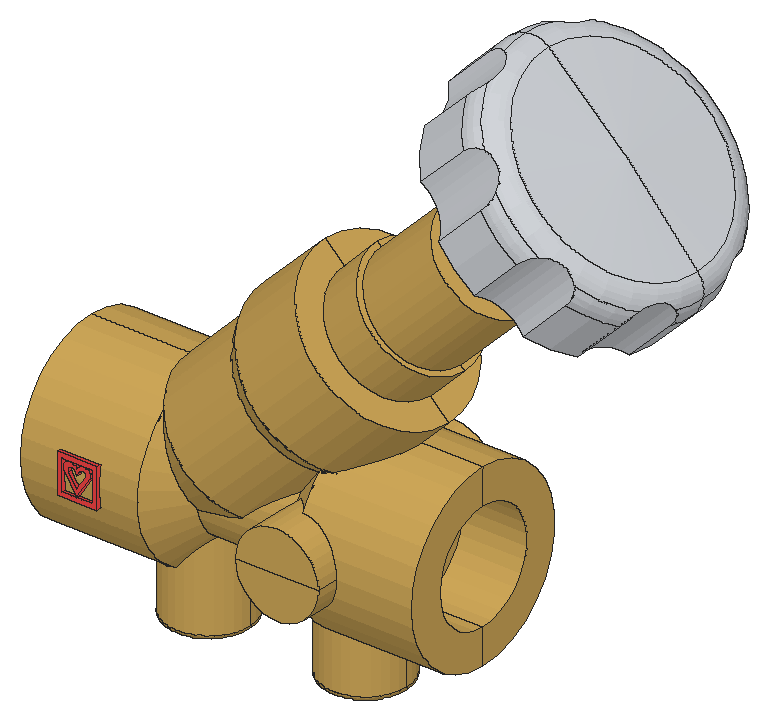
Revit family "HERZ Shut-off valve 4125 AD", category Rohrzubehör, Revit 2018
Family settings
  Bemaßung runder Anschluss = Durchmesser verwenden
  Teiletyp = Unterbricht
  OmniClass-Nummer = 23.65.55.14
  OmniClass-Titel = Valves for Liquid Services
  Arbeitsebenenbasiert = Nein
  Immer vertikal = Ja
  Beim Laden mit Abzugskörper schneiden = Nein
  Gemeinsam genutzt = Nein
Parameters
  W01 = 45.00°  # constant formula
  URL = "www.herzvalves.com"
  Spindle = "brass CW617N\r"  # constant formula
  SW01 = 60.00°  # constant formula
  SC_NennweiteBerechnet [instance] = 0
  SC_Dimension [instance] = ""
  SCRNSEQ = "ARM;ARM_TYP=\"ABSV\";2"
  SCRNCODE = "05;07;02"  # constant formula
  S03 = 60.000 mm  # constant formula
  S02 [instance] = L06 + L09 + L12 + L15  # 113.800 mm
  S01 [instance] = R01 * 2  # 41.000 mm
  R12 [instance] = R01 - 1.000 mm  # 19.500 mm
  R11 [instance] = size_lookup("4125AD_", "R11", 1.000 mm, Nennweite)  # 6.000 mm
  R100 = 1.000 mm  # constant formula
  R10 [instance] = size_lookup("4125AD_", "R10", 1.000 mm, Nennweite)  # 9.000 mm
  R09 [instance] = size_lookup("4125AD_", "R9", 1.000 mm, Nennweite)  # 12.750 mm
  R08 [instance] = size_lookup("4125AD_", "R8", 1.000 mm, Nennweite)  # 14.000 mm
  R07 [instance] = size_lookup("4125AD_", "R7", 1.000 mm, Nennweite)  # 20.000 mm
  R06 [instance] = size_lookup("4125AD_", "R6", 1.000 mm, Nennweite)  # 17.750 mm
  R05 [instance] = Nennweite / 2  # 12.500 mm
  R04 [instance] = size_lookup("4125AD_", "R4", 1.000 mm, Nennweite)  # 9.500 mm
  R03 = 9.500 mm  # constant formula
  R02 [instance] = Nennweite / 2  # 12.500 mm
  R01 [instance] = size_lookup("4125AD_", "R1", 1.000 mm, Nennweite)  # 20.500 mm
  Upper part = "DZR brass CW602N"  # constant formula
  Part number [instance] = size_lookup("4125AD_", "Artnr", 0, Nennweite)  # 1412573
  Nennweite [instance] = 25.000 mm
  Model = "STRÖMAX-D shut-off valve, inclined model, same as 4125 D,\r\nhowever with 2 bores for draining fittings, 1 screw plug 272 installed.\r\nDrain cocks must be ordered separately."
  Medium = "Heating water according ÖNORM H5195 or VDI- Standard 2035.\r\nThe use of ethylene- or propylene glycol in a mixing ratio 25- 50% is allowed."
  Max. differential pressure on closed seat = 1000000.0 Pa  # constant formula
  Max. operating temperature = 110 °C  # constant formula
  Max. operating pressure = 2000000.0 Pa  # constant formula
  L16 [instance] = L01 / 2  # 13.500 mm
  L15 [instance] = size_lookup("4125AD_", "L15", 1.000 mm, Nennweite)  # 12.400 mm
  L14 [instance] = size_lookup("4125AD_", "L14", 1.000 mm, Nennweite)  # 12.000 mm
  L12 [instance] = size_lookup("4125AD_", "L12", 1.000 mm, Nennweite)  # 43.400 mm
  L11 [instance] = size_lookup("4125AD_", "L11", 1.000 mm, Nennweite)  # 22.400 mm
  L10 [instance] = size_lookup("4125AD_", "L10", 1.000 mm, Nennweite)  # 11.000 mm
  L09 [instance] = size_lookup("4125AD_", "L9", 1.000 mm, Nennweite)  # 19.500 mm
  L08 [instance] = size_lookup("4125AD_", "L8", 1.000 mm, Nennweite)  # 34.000 mm
  L07 [instance] = size_lookup("4125AD_", "L7", 1.000 mm, Nennweite)  # 18.000 mm
  L06 [instance] = size_lookup("4125AD_", "L6", 1.000 mm, Nennweite) - L09  # 38.500 mm
  L05 [instance] = size_lookup("4125AD_", "L5", 1.000 mm, Nennweite)  # 25.500 mm
  L04 [instance] = size_lookup("4125AD_", "L4", 1.000 mm, Nennweite)  # 25.500 mm
  L03 = 15.000 mm  # constant formula
  L02 [instance] = size_lookup("4125AD_", "L2", 1.000 mm, Nennweite)  # 11.000 mm
  L01 [instance] = size_lookup("4125AD_", "L1", 1.000 mm, Nennweite)  # 27.000 mm
  L00 [instance] = size_lookup("4125AD_", "L", 1.000 mm, Nennweite)  # 90.000 mm
  Cone = "DZR brass CW602N"  # constant formula
  Hersteller = "HERZ Armaturen Ges.m.b.H."  # constant formula
  Hand wheel = "Polyamide"  # constant formula
  H01 [instance] = size_lookup("4125AD_", "H1", 1.000 mm, Nennweite)  # 32.000 mm
  Sealing = "EPDM"  # constant formula
  DN80 [instance] = Nennweite = 80.000 mm  # no
  DN65 [instance] = Nennweite = 65.000 mm  # no
  DN50 [instance] = Nennweite = 50.000 mm  # no
  DN40 [instance] = Nennweite = 40.000 mm  # no
  DN32 [instance] = Nennweite = 32.000 mm  # no
  DN25-DN80 [instance] = or(Nennweite = 25.000 mm, Nennweite = 32.000 mm, Nennweite = 40.000 mm, Nennweite = 50.000 mm, Nennweite = 65.000 mm, Nennweite = 80.000 mm)  # yes
  DN25 [instance] = Nennweite = 25.000 mm  # yes
  DN20 [instance] = Nennweite = 20.000 mm  # no
  DN15 [instance] = Nennweite = 15.000 mm  # no
  DN [instance] = 0.000 mm
  Body = "casted DZR brass CC752S"  # constant formula
  Application = "Reliable shutting of pipes in heating and cooling systems."
Reference planes
  plane 1 "Mitte (Vorne/hinten)": y = 0
  plane 2: z = 0
  plane 3 "Mitte (Links/rechts)": x = 0
Forms (mm)
  Revolve 1, solid, material "Messing, weicher Gelbton, geschweißt", detail levels fine
    sketch origin (470, 0, 0) x (1, 0, 0) y (0, 0, 1)
      loop
        line (-515, 12.5) -> (-500, 12.5) -> (-500, 0) -> (-440, 0) -> (-440, 12.5) -> (-425, 12.5) -> (-425, 20.5) -> (-452, 20.5) -> (-459, 12.5) -> (-481, 12.5) -> (-488, 20.5) -> (-515, 20.5) -> (-515, 12.5)
      axis (-515, 0) -> (-425, 0)
    angle from 0 to 360
  Revolve 2, solid, material "Messing, weicher Gelbton, geschweißt", detail levels fine
    sketch origin (470, 0, 0) x (1, 0, 0) y (0, 0, 1)
      loop
        line (-497.5, 0) -> (-497.5, -31)
        arc (-497.5, -31) -> (-497.207, -31.707) -> (-496.5, -32) r 1
        line (-496.5, -32) -> (-488, -32) -> (-488, 0) -> (-497.5, 0)
      axis (-488, 0) -> (-488, -32)
    angle from 0 to 360
  Revolve 3, solid, material "Messing, weicher Gelbton, geschweißt", detail levels fine
    sketch origin (0, 0, 0) x (1, 0, 0) y (0, 1, 0)
      loop
        line (18, -25.5) -> (27.5, -25.5) -> (27.5, 25.5) -> (18, 25.5) -> (18, -25.5)
      axis (18, -25.5) -> (18, 25.5)
    angle from 0 to 360
  Revolve 4, solid, material "Messing, weicher Gelbton, geschweißt", visible <- "DN25-DN80", detail levels fine
    sketch origin (-470, 0, 0) x (-1, 0, 0) y (0, 0, 1)
      loop
        line (-497.5, 0) -> (-497.5, -31)
        arc (-497.5, -31) -> (-497.207, -31.707) -> (-496.5, -32) r 1
        line (-496.5, -32) -> (-488, -32) -> (-488, 0) -> (-497.5, 0)
      axis (-488, 0) -> (-488, -32)
    angle from 0 to 360
  Revolve 5, solid, material "Messing, weicher Gelbton, geschweißt", detail levels fine
    sketch origin (0.32, 0, -0.105) x (1, 0, 0) y (0, 0, 1)
      loop
        line (-18.32, 0) -> (62.149, 80.469) -> (57.906, 84.711) -> (49.138, 75.943) -> (47.017, 78.065) -> (39.946, 70.994) -> (37.294, 73.645) -> (21.455, 57.806) -> (20.571, 58.69) -> (12.793, 50.912) -> (8.55, 55.154) -> (-5.239, 41.366) -> (-6.83, 36.593) -> (-22.386, 21.036) -> (-27.159, 8.839) -> (-18.32, 0)
      axis (-18.32, 0) -> (62.149, 80.469)
    angle from 0 to 360
Lines and regions (mm)
  model lines, detail levels coarse+medium
    curve 1: line (-45, 0, 20.5) -> (-45, 0, -20.5)
    curve 2: line (-45, 0, -20.5) -> (45, 0, 20.5)
    curve 3: line (45, 0, 20.5) -> (45, 0, -20.5)
    curve 4: line (45, 0, -20.5) -> (-45, 0, 20.5)
    curve 5: line (0, 0, 0) -> (56.9, 0, 98.554)
    curve 6: line (30.919, 0, 113.554) -> (82.881, 0, 83.554)
    curve 7: line (-45, -20.5, 0) -> (-45, 20.5, 0)
    curve 8: line (-45, 20.5, 0) -> (45, -20.5, 0)
    curve 9: line (45, -20.5, 0) -> (45, 20.5, 0)
    curve 10: line (45, 20.5, 0) -> (-45, -20.5, 0)
    curve 11: line (0, 0, 0) -> (56.9, 98.554, 0)
    curve 12: line (30.919, 113.554, 0) -> (82.881, 83.554, 0)
Dimensions and locks
  "H01": plane 2 to Revolve 2 sketch curve
  "L00": Revolve 1 sketch curve to Revolve 1 sketch curve
  equal spacing: Revolve 1 sketch curve, plane 3 "Mitte (Links/rechts)", Revolve 1 sketch curve
  "R01": Revolve 1 sketch curve to Revolve 1 sketch curve  (x2)
  "R02": Revolve 1 sketch curve to Revolve 1 sketch curve  (x3)
  "L01": Revolve 1 sketch curve to Revolve 1 sketch curve  (x2)
  "L02": plane 3 "Mitte (Links/rechts)" to Revolve 1 sketch curve
  "L02": Revolve 1 sketch curve to plane 3 "Mitte (Links/rechts)"
  "L03": Revolve 1 sketch curve to Revolve 1 sketch curve  (x2)
  "L01": Revolve 1 to Revolve 2 sketch curve
  "R03": Revolve 2 sketch curve to Revolve 2 sketch curve
  "L01": Revolve 4 sketch curve to Revolve 1
  "R03": Revolve 4 sketch curve to Revolve 4 sketch curve
  "H01": plane 2 to Revolve 4 sketch curve
  "L04": Revolve 3 sketch curve to plane 1 "Mitte (Vorne/hinten)"
  "L05": plane 1 "Mitte (Vorne/hinten)" to Revolve 3 sketch curve
  "R04": Revolve 3 sketch curve to Revolve 3 sketch curve
  "L01": Revolve 3 sketch curve to Revolve 1
  "R07": Revolve 5 sketch curve to Revolve 5 sketch curve
  "L07": plane 3 "Mitte (Links/rechts)" to Revolve 5 sketch curve
  "R05": Revolve 5 sketch curve to Revolve 5 sketch curve
  "L06": Revolve 5 sketch curve to Revolve 5 sketch curve
  "L08": Revolve 5 sketch curve to Revolve 5 sketch curve
  "R06": Revolve 5 sketch curve to Revolve 5 sketch curve
  "L14": Revolve 5 sketch curve to Revolve 5 sketch curve
  "L09": Revolve 5 sketch curve to Revolve 5 sketch curve
  "R08": Revolve 5 sketch curve to Revolve 5 sketch curve
  "L10": Revolve 5 sketch curve to Revolve 5 sketch curve
  "R09": Revolve 5 sketch curve to Revolve 5 sketch curve
  "R10": Revolve 5 sketch curve to Revolve 5 sketch curve
  "L12": Revolve 5 sketch curve to Revolve 5 sketch curve
  "R11": Revolve 5 sketch curve to Revolve 5 sketch curve
  "L15": Revolve 5 sketch curve to Revolve 5 sketch curve
  "L11": Revolve 5 sketch curve to Revolve 5 sketch curve
  "R12": nested 9 to plane 1 "Mitte (Vorne/hinten)"
  "L16": Revolve 1 to nested 9
  equal spacing: curve 1, plane 3 "Mitte (Links/rechts)", curve 3
  "L00": curve 1 to curve 3
  equal spacing: curve 4, plane 2, curve 2
  "S01": curve 4 to curve 1
  "S01": curve 3 to curve 4
  equal spacing: curve 3, plane 2, curve 4
  "S02": curve 5 to curve 5
  equal spacing: curve 6, curve 5, curve 6
  "S03": curve 6 to curve 6
  equal spacing: curve 7, plane 3 "Mitte (Links/rechts)", curve 9
  "L00": curve 7 to curve 9
  equal spacing: curve 10, plane 1 "Mitte (Vorne/hinten)", curve 8
  "S01": curve 8 to curve 10
  equal spacing: curve 9, plane 1 "Mitte (Vorne/hinten)", curve 10
  "S01": curve 10 to curve 9
  "S02": curve 11 to curve 11
  equal spacing: curve 12, curve 11, curve 12
  "S03": curve 12 to curve 12
  "R100": radius of Revolve 2 sketch curve
  "R100": radius of Revolve 4 sketch curve
  "W01": angle plane 2 to Revolve 5 sketch curve
  "W01": angle level to Revolve 5 sketch curve
  "SW01": angle plane 2 to curve 5
  "SW01": angle plane 1 "Mitte (Vorne/hinten)" to curve 11
  aligned and locked: level to plane 2
Automatic sketch dimensions
  curve 5 to level = 0.000 mm
  plane 1 "Mitte (Vorne/hinten)" to curve 11 = 0.000 mm
  Revolve 1 sketch curve to level = 0.000 mm  (x2)
  Revolve 1 sketch curve to Revolve 1 sketch curve = 791.990 mm
  Revolve 1 sketch curve to Revolve 1 sketch curve = 2278.983 mm
  Revolve 2 sketch curve to level = 0.000 mm  (x2)
  Revolve 2 sketch curve to Revolve 2 sketch curve = 0.000 mm
  Revolve 2 sketch curve to Revolve 2 sketch curve = 0.292 mm
  Revolve 3 sketch curve to Revolve 3 sketch curve = 0.000 mm  (x3)
  Revolve 4 sketch curve to level = 0.000 mm  (x2)
  Revolve 4 sketch curve to Revolve 4 sketch curve = 0.000 mm
  Revolve 4 sketch curve to Revolve 4 sketch curve = 0.292 mm
  Revolve 5 sketch curve to level = 0.105 mm
  Revolve 5 sketch curve to Revolve 5 sketch curve = 0.000 mm  (x2)
Nested families
  nested 1: "Strömax-Handrad_Schrägsitz" at (42.584, 0, 54.979), visible <- "DN15", type "Strömax-Handrad_Schrägsitz", detail levels fine
    with Nennweite 0.000 mm, Gewicht 0.00 kg, Bestellnummer 0
  nested 2: "Strömax-Handrad_Schrägsitz" at (54.312, 0, 67.707), visible <- "DN20", type "Strömax-Handrad_Schrägsitz", detail levels fine
    with Nennweite 0.000 mm, Gewicht 0.00 kg, Bestellnummer 0
  nested 3: "Strömax-Handrad_Schrägsitz" at (62.469, 0, 80.364), visible <- "DN25", type "Strömax-Handrad_Schrägsitz", detail levels fine
    with Nennweite 0.000 mm, Gewicht 0.00 kg, Bestellnummer 0
  nested 4: "Strömax-Handrad_Schrägsitz" at (71.712, 0, 91.607), visible <- "DN32", type "Strömax-Handrad_Schrägsitz", detail levels fine
    with Nennweite 0.000 mm, Gewicht 0.00 kg, Bestellnummer 0
  nested 5: "Strömax-Handrad_Schrägsitz" at (80.399, 0, 101.294), visible <- "DN40", type "Strömax-Handrad_Schrägsitz", detail levels fine
    with Nennweite 0.000 mm, Gewicht 0.00 kg, Bestellnummer 0
  nested 6: "Strömax-Handrad_Schrägsitz" at (97.83, 0, 129.225), visible <- "DN50", type "Strömax-Handrad_Schrägsitz", detail levels fine
    with Nennweite 0.000 mm, Gewicht 0.00 kg, Bestellnummer 0
  nested 7: "Strömax-Handrad_Schrägsitz" at (114.482, 0, 149.378), visible <- "DN65", type "Strömax-Handrad_Schrägsitz", detail levels fine
    with Nennweite 0.000 mm, Gewicht 0.00 kg, Bestellnummer 0
  nested 8: "Strömax-Handrad_Schrägsitz" at (140.423, 0, 183.319), visible <- "DN80", type "Strömax-Handrad_Schrägsitz", detail levels fine
    with Nennweite 0.000 mm, Gewicht 0.00 kg, Bestellnummer 0
  nested 9: "Herz-Logo-vorne" at (-31.5, -20.232, 0) x (0, 1, 0) z (0, 0, 1), type "Herz-Logo-vorne", detail levels fine
Connectors
  piping at (-30, 0, 0), diameter 25, driven by "Nennweite"
    settings: on Revolve 1, index 1, connector inside diameter 609.6 mm, connector length 0.000 mm, flow factor 0, pipe flow 0.0 L/s, pressure drop 0.0 Pa, fitting loss kfactor 0, connector angle 0.00°, fixture units 0, engagement length 0.000 mm, angle of deflection 0.00°, flow configuration 0, flow direction 1, fitting loss method 0, system type 29, joint type 0, gender type 0, connector reference index -1, connector utility 0, adjustable connector no, is connector primary yes, connector description ""
  piping at (30, 0, 0), diameter 25, driven by "Nennweite"
    settings: on Revolve 1, index 2, connector inside diameter 609.6 mm, connector length 0.000 mm, flow factor 0, pipe flow 0.0 L/s, pressure drop 0.0 Pa, fitting loss kfactor 0, connector angle 0.00°, fixture units 0, engagement length 0.000 mm, angle of deflection 0.00°, flow configuration 0, flow direction 2, fitting loss method 0, system type 29, joint type 0, gender type 0, connector reference index -1, connector utility 0, adjustable connector no, is connector primary no, connector description ""
Definition of nested family "Strömax-Handrad_Schrägsitz"
  Parameters (values of type "Strömax-Handrad_Schrägsitz")
    URL = "www.herz-armaturen.at"
    Nennweite [instance] = 0.000 mm
    Manufacturer = "Herz Armaturen GmbH"  # constant formula
    Gewicht [instance] = 0.00 kg
    Bestellnummer [instance] = 0
  Reference planes
    plane 1 "Mitte (Vorne/hinten)": y = 0
    plane 2: z = 0
    plane 3 "Mitte (Links/rechts)": x = 0
  Forms (mm)
    Revolve 1, solid
      sketch origin (0, 0, 0) x (0.707107, 0, -0.707107) y (0.707107, 0, 0.707107)
        loop
          line (0, 0) -> (0, 22)
          arc (0, 22) -> (-12.15, 21.705) -> (-24.271, 20.819) r 250
          arc (-24.271, 20.819) -> (-26.831, 19.959) -> (-28.754, 18.063) r 6
          arc (-28.754, 18.063) -> (-29.682, 16.008) -> (-30, 13.776) r 8
          line (-30, 13.776) -> (-30, 0) -> (0, 0)
        axis (0, 22) -> (0, 0)
      angle from 0 to 360
    Extrusion 2, void
      sketch origin (0, 0, 0) x (0.707107, 0, -0.707107) y (0, 1, 0)
        loop
          circle (14.351, -34.645) r 10
      from 0 to 22
    Extrusion 3, void
      sketch origin (0, 0, 0) x (-0.707107, 0, 0.707107) y (0, -1, 0)
        loop
          circle (14.351, 34.645) r 10
      from 0 to 22
    Extrusion 4, void
      sketch origin (0, 0, 0) x (0, -1, 0) y (0.707107, 0, -0.707107)
        loop
          circle (14.351, 34.645) r 10
      from 0 to 22
    Extrusion 5, void
      sketch origin (0, 0, 0) x (0, 1, 0) y (-0.707107, 0, 0.707107)
        loop
          circle (14.351, -34.645) r 10
      from 0 to 22
    Extrusion 6, void
      sketch origin (0, 0, 0) x (0, -1, 0) y (0.707107, 0, -0.707107)
        loop
          circle (14.351, -34.645) r 10
      from 0 to 22
    Extrusion 7, void
      sketch origin (0, 0, 0) x (0, 1, 0) y (-0.707107, 0, 0.707107)
        loop
          circle (14.351, 34.645) r 10
      from 0 to 22
    Extrusion 8, void
      sketch origin (0, 0, 0) x (0.707107, 0, -0.707107) y (0, 1, 0)
        loop
          circle (14.351, 34.645) r 10
      from 0 to 22
    Extrusion 9, void
      sketch origin (0, 0, 0) x (-0.707107, 0, 0.707107) y (0, -1, 0)
        loop
          circle (14.351, -34.645) r 10
      from 0 to 22
  Cuts and joins
    Extrusion 2, Extrusion 3, Extrusion 4, Extrusion 5, Extrusion 6, Extrusion 7, Extrusion 8, Extrusion 9 cuts Revolve 1
  Dimensions and locks
    aligned and locked: level to plane 2
Definition of nested family "Herz-Logo-vorne"
  Reference planes
    plane 1 "Mitte (Vorne/hinten)": y = 0
    plane 2: z = 0
    plane 3 "Mitte (Links/rechts)": x = 0
  Forms (mm)
    Extrusion 1, solid
      sketch origin (0.732, -0.018, 0.017) x (0, -1, 0) y (0, 0, 1)
        loop
          line (-0.018, -4.517) -> (4.482, -4.517) -> (4.482, 4.483) -> (-4.518, 4.483) -> (-4.518, -4.517) -> (-0.018, -4.517)
        loop
          line (-0.05, -3.48) -> (3.482, -3.48) -> (3.482, 3.483) -> (-3.518, 3.483) -> (-3.518, -3.48) -> (-0.05, -3.48)
        loop
          arc (-0.018, 2.383) -> (-1.543, 3.287) -> (-3.067, 2.383) r 1.738
          arc (-3.067, 2.383) -> (-3.191, 1.899) -> (-3.067, 1.415) r 1.009
          line (-3.067, 1.415) -> (-0.018, -3.281) -> (3.032, 1.415)
          arc (3.032, 1.415) -> (3.156, 1.899) -> (3.032, 2.383) r 1.009
          arc (3.032, 2.383) -> (1.507, 3.287) -> (-0.018, 2.383) r 1.738
        loop
          arc (1.885, 1.272) -> (2.005, 1.675) -> (1.885, 2.079) r 0.74
          arc (1.885, 2.079) -> (1.265, 2.416) -> (0.644, 2.079) r 0.74
          line (0.644, 2.079) -> (-0.018, 0.97) -> (-0.679, 2.079)
          arc (-0.679, 2.079) -> (-1.3, 2.416) -> (-1.921, 2.079) r 0.74
          arc (-1.921, 2.079) -> (-2.04, 1.675) -> (-1.921, 1.272) r 0.74
          line (-1.921, 1.272) -> (-0.018, -1.658) -> (1.885, 1.272)
      from 0 to 1.5
  Dimensions and locks
    aligned and locked: level to plane 2
